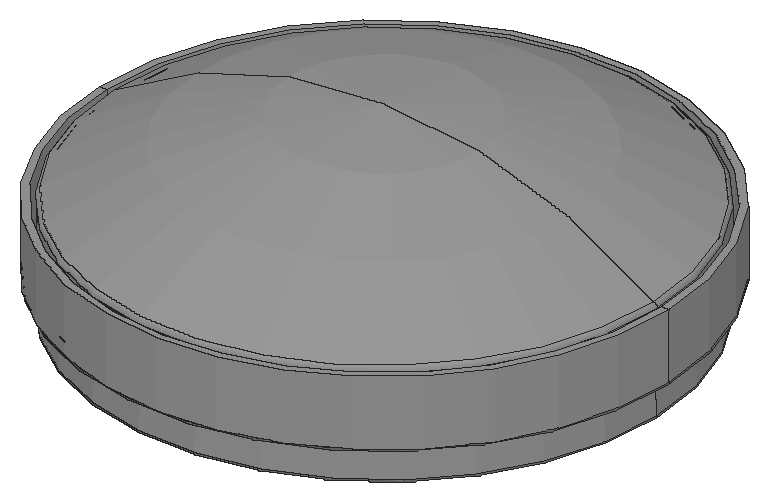
Revit family "3034813 Sylvania Lighting Fixture GIOTTO335 LED G2 3000K SURFACE 1-10V MW", category Lighting Fixtures, host Face, Revit 2016
Family settings
  Host = Face
  Part Type = Normal
  Round Connector Dimension = Use Diameter
  OmniClass Number = 23.80.70.00
  OmniClass Title = Lighting
  Cut with Voids When Loaded = No
  Light Source = Yes
  Shared = No
  Room Calculation Point = No
Parameters (values of type "3034813 GIOTTO335 LED G2 SURFACE 3000K 1-10V MW")
  Weight = "1.2 kg"
  Wattage Comments = ""
  Wattage = 23 W
  WarrantyStartDate [instance] = "n/a"
  WarrantyGuarantorParts = "n/a"
  WarrantyDurationUnit = "n/a"
  WarrantyDurationParts = "n/a"
  WarrantyDescription = "n/a"
  built-in parameter 1150110 = 1 (stored number, unit not read)
  Voltage = 230 V
  URL = "http://www.sylvania-lighting.com"
  TypeName = "GIOTTO335 LED G2 3000K SURFACE 1-10V MW"
  Type Image = <None>
  Type Comments = "n/a"
  built-in parameter 1114217 = 1 (stored number, unit not read)
  Tilt Angle = -90.00°
  built-in parameter 1150109 = 1 (stored number, unit not read)
  built-in parameter 1150134 = (empty or 0)
  built-in parameter 1150113 = 1 (stored number, unit not read)
  SerialNumber [instance] = "n/a"
  Photometric Web File = "3034813.ies"
  Material_3_SYL = LED-Sylvania
  PowerFactor = 0
  PowerConsumption = "23 W"
  NominalLength = 335 mm
  NominalHeight = 110 mm
  NominalDepth = 335 mm
  Name = "GIOTTO335 LED G2 3000K SURFACE 1-10V MW"
  ModelReference = Name  # "GIOTTO335 LED G2 3000K SURFACE 1-10V MW"
  ModelNumber = "3034813"
  Model = Name  # "GIOTTO335 LED G2 3000K SURFACE 1-10V MW"
  Material = "polycarbonate housing, polycarbonate diffuser"
  ManufacturerName = "Feilo Sylvania"
  Manufacturer = "Feilo Sylvania"
  LuminousEfficacy = "92 lm/W"
  built-in parameter 1150105 = 647.62 (stored number, unit not read)
  Lumens = 2116 lm
  LuminaireType = ""
  built-in parameter 1150115 = 1 (stored number, unit not read)
  LightOutputRatio = "n/a"
  built-in parameter 1150137 = (empty or 0)
  built-in parameter 1150139 = (empty or 0)
  LampsType = Lamp  # "LED"
  LampNominalLuminous = "2111 lm"
  LampMacAdamStep = "n/a"
  LampColourTemperature = "3000 K"
  LampColourRenderingIndex = "80"
  built-in parameter 1150112 = 1 (stored number, unit not read)
  built-in parameter 1150114 = 1 (stored number, unit not read)
  Lamp = "LED"
  Keynote = "16500"
  InstallationDate [instance] = "n/a"
  InputVoltage = "n/a"
  InputNominalFrequency = "n/a"
  built-in parameter 1150132 = (empty or 0)
  built-in parameter 1150102 = (empty or 0)
  built-in parameter 1150107 = 3000 (stored number, unit not read)
  built-in parameter 1150138 = (empty or 0)
  IngressProtection = "IP44"
  ImpactProtectionIndex = "IK10"
  built-in parameter 1150106 = 6.4762 (stored number, unit not read)
  IfcExportType = "IfcLightFixtureType"
  IfcExportAs = "IfcLightFixtureType"
  Height_SYL = 110 mm
  ExpectedLife = 50000
  Emit from Circle Diameter = 317 mm
  Emit Shape Visible in Rendering = no
  ElectricShockClassification = "Class I"
  built-in parameter 1150104 = 8.5471 (stored number, unit not read)
  DurationUnit = "hours"
  DocumentationLiterature = "http://www.sylvania-lighting.com/product/en-int/products/3034813"
  DimmingControlOptions = "n/a"
  Material_2_SYL = Polycarbonate_Sylvania_Giotto_Opal
  Dimming Lamp Color Temperature Shift = <None>
  DiffuserRadius_SYL = 282.611 mm
  Diameter_SYL = 335 mm
  Description = "Ambient and decorative round, surface mounted LED bulkhead luminaire. White robust polycarbonate body with opal diffuser, 2111 lm, 23W, 92lm/W, 3000K, CRI 80, 1-10V dimmable, integral microwave sensor. 50,000 hours lumen maintenance. Drive current: 700mA, IP44, IK10, Class I, 220-240V, Energy class: A++, A+, A."
  Default Elevation = 1219.2 mm
  CreatedOn = "9/13/2018"
  CreatedBy = "@sylvania-lighting.com"
  Cost = 0
  Color Filter = 16777215
  built-in parameter 1114216 [instance] = (empty or 0)
  ClassificationValue = "EF_70_80"
  ClassificationName = "Uniclass2015"
  Material_1_SYL = Polycarbonate_Sylvania_Giotto_White
  BarCode [instance] = "n/a"
  built-in parameter 1114218 = 1 (stored number, unit not read)
  built-in parameter 1150133 = 10 (stored number, unit not read)
  AssetType = "Fixed"
  AssetIdentifier [instance] = "n/a"
  Assembly Code = "D5020200"
  Apparent Load = 23 VA
  Material_4_SYL = none
Reference planes
  plane 1 "Center (Front/Back)": y = 0
  plane 2: z = 0
  plane 3 "Center (Left/Right)": x = 0
  plane 4: x = 167.5
  plane 5: x = -167.5
  plane 6: x = -160.5
  plane 7: x = -163.5
  plane 8: z = 110
  plane 9: z = 60
  plane 10: z = 20
  plane 11: z = 25
  plane 12: x = -165.9
  plane 13: z = 21.6
  plane 14: z = 1.6
  plane 15: x = -158.9
  plane 16: z = 19
  plane 17: x = -161.5
  plane 18: z = 26
Forms (mm)
  Revolve 1, solid, material "Polycarbonate_Sylvania_Giotto_White" <- "Material_1_SYL"
    sketch origin (0, 0, 0) x (1, 0, 0) y (0, 0, 1)
      loop
        line (0, 0) -> (0, 26) -> (-158.9, 26) -> (-158.9, 25) -> (-163.5, 25) -> (-163.5, 60) -> (-167.5, 60) -> (-167.5, 21.6)
        arc (-167.5, 21.6) -> (-167.031, 20.469) -> (-165.9, 20) r 1.6
        line (-165.9, 20) -> (-160.5, 20)
        arc (-160.5, 20) -> (-160.193, 19.541) -> (-160.086, 19) r 1.414
        line (-160.086, 19) -> (-160.5, 1.6)
        arc (-160.5, 1.6) -> (-160.031, 0.469) -> (-158.9, 0) r 1.6
        line (-158.9, 0) -> (0, 0)
      axis (0, 60) -> (0, 0)
    angle from 360 to 0
  Revolve 2, solid, material "Polycarbonate_Sylvania_Giotto_Opal" <- "Material_2_SYL"
    sketch origin (0, 0, 0) x (1, 0, 0) y (0, 0, 1)
      loop
        line (-160.5, 25) -> (-158.5, 25) -> (-158.5, 57.891)
        arc (-158.5, 57.891) -> (-158.267, 58.827) -> (-157.623, 59.545) r 2
        arc (-157.623, 59.545) -> (-82.451, 95.612) -> (0, 107.998) r 280.611
        line (0, 107.998) -> (0, 109.998)
        arc (0, 109.998) -> (-83.039, 97.523) -> (-158.747, 61.2) r 282.611
        arc (-158.747, 61.2) -> (-160.035, 59.763) -> (-160.5, 57.891) r 4
        line (-160.5, 57.891) -> (-160.5, 25)
      axis (0, 109.998) -> (0, 25)
    angle from 360 to 0
Dimensions and locks
  equal spacing: plane 4, plane 3 "Center (Left/Right)", plane 5
  "Diameter_SYL": plane 4 to plane 5
  locked: plane 6 to plane 5 at 7
  locked: plane 7 to plane 5 at 4
  "Height_SYL": plane 8 to plane 2
  locked: plane 8 to plane 9 at 50
  locked: plane 9 to plane 10 at 40
  Revolve 1 sketch curve to Revolve 1 sketch curve = 5.4 mm
  locked: plane 11 to plane 10 at 5
  locked: plane 12 to plane 5 at 1.6
  locked: plane 13 to plane 10 at 1.6
  locked: plane 14 to plane 2 at 1.6
  locked: plane 15 to plane 6 at 1.6
  locked: plane 6 to plane 17 at 1
  locked: plane 10 to plane 16 at 1
  locked: plane 18 to plane 11 at 1
  "DiffuserRadius_SYL": radius of Revolve 2 sketch curve
  aligned and locked: plane 2 to host face
  aligned and locked: level to host face
  aligned and locked: Revolve 1 sketch curve to plane 3 "Center (Left/Right)"
  aligned and locked: level to Revolve 1 sketch curve
  aligned and locked: Revolve 1 sketch curve to plane 10
  aligned and locked: plane 9 to Revolve 1 sketch curve
  aligned and locked: Revolve 1 sketch curve to plane 7
  aligned and locked: plane 12 to Revolve 1 sketch curve  (x2)
  aligned and locked: plane 13 to Revolve 1 sketch curve  (x2)
  aligned and locked: plane 17 to Revolve 1 sketch curve
  aligned and locked: plane 16 to Revolve 1 sketch curve  (x2)
  aligned and locked: plane 15 to Revolve 1 sketch curve  (x3)
  aligned and locked: plane 14 to Revolve 1 sketch curve  (x2)
  aligned and locked: Revolve 2 sketch curve to plane 3 "Center (Left/Right)"
  aligned and locked: plane 6 to Revolve 2 sketch curve
  aligned and locked: Revolve 2 sketch curve to Revolve 2 sketch curve
  aligned and locked: plane 3 "Center (Left/Right)" to imposter light
  aligned and locked: imposter light to plane 1 "Center (Front/Back)"
  aligned and locked: plane 18 to Revolve 1 sketch curve
  aligned and locked: plane 11 to Revolve 1 sketch curve
  aligned and locked: plane 11 to Revolve 2 sketch curve
  aligned and locked: plane 3 "Center (Left/Right)" to Revolve 2 sketch curve
  aligned and locked: imposter light to plane 8
Automatic sketch dimensions
  host sketch curve to host sketch curve = 2438.4 mm  (x2)
  Revolve 1 sketch curve to plane 3 "Center (Left/Right)" = 0 mm
  Revolve 1 sketch curve to level = 609.6 mm
  Revolve 1 sketch curve to plane 8 = 2499.058 mm
  Revolve 2 sketch curve to Revolve 2 sketch curve = 0 mm  (x3)
  plane 15 to Revolve 2 sketch curve = 0.4 mm
  Revolve 2 sketch curve to Revolve 2 sketch curve = 2 mm  (x2)
  Revolve 2 sketch curve to level = 172.613 mm
  plane 9 to Revolve 2 sketch curve = 2.109 mm
  Revolve 2 sketch curve to Revolve 2 sketch curve = 436.987 mm
  Revolve 2 sketch curve to plane 8 = 2499.058 mm
Connectors
  electrical at (0, 0, 0), driven by "Apparent Load", driven by "PowerFactor", driven by "Voltage"
    settings: index 1, voltage 230 V, apparent load 23 VA, apparent load phase1 0 VA, apparent load phase2 0 VA, apparent load phase3 0 VA, power factor 0, load classification "Lighting", number of poles 1, system type 30, power factor state 1, is connector primary yes, connector utility no, sub classification motor no, connector description ""
